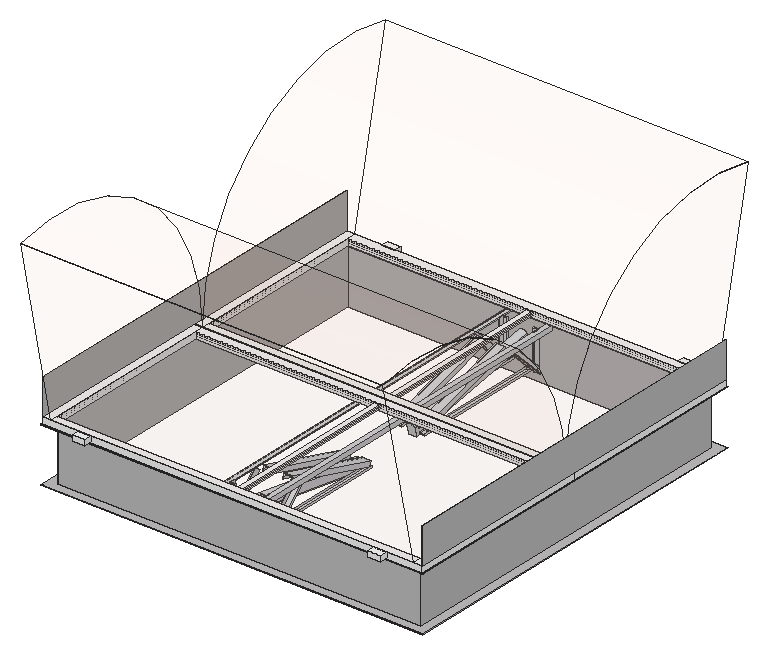
Revit family "Aluco Fire SP 2P (HI) (pl)", category Modele ogólne, Revit 2020
Family settings
  Może być obiektem nadrzędnym dla zbrojenia = Nie
  Wymiar okrągłego złącza = Użyj średnicy
  Typ części = Normalny
  Numer OmniClass = 23.60.70.14.11
  Tytuł OmniClass = Smoke Dampers
  Oparty na płaszczyźnie roboczej = Tak
  Zawsze pionowo = Nie
  Tnij formami wycięć po wczytaniu = Tak
  Współdzielony = Nie
  Punkt obliczania pomieszczeń = Nie
Parameters (values of type "system bezmostkowy z napędem elektrycznym")
  Zwężenie otworu (rozpiętość) [instance] = 0 mm
  Zwężenie otworu (długość) [instance] = 0 mm
  Zasilanie = 230 V
  Zakres ruchu [instance] = yes
  Wysokość podstawy [instance] = 300 mm
  Współczynnik przenikania ciepła [instance] = "Do weryfikacji po kontakcie z Producentem"  # constant formula
  Współczynnik powierzchni oddymiania [instance] = 1.00 m² * size_lookup("ALUCO FIRE SP 2P (HI)", if(and([Zwężenie otworu (rozpiętość)] = 0 mm, [Zwężenie otworu (długość)] = 0 mm, Owiewki), "Prosta z owiewkami", if(and([Zwężenie otworu (rozpiętość)] = 0 mm, [Zwężenie otworu (długość)] = 0 mm, not(Owiewki)), "Prosta bez owiewek", if(and(or([Zwężenie otworu (rozpiętość)] > 0 mm, [Zwężenie otworu (długość)] > 0 mm), Owiewki), "Skośna z owiewkami", "Skośna bez owiewek"))), 0 mm, round([Rozpiętość klapy (A)] / 100 mm) * 100 mm, round([Szerokość klapy (B)] / 100 mm) * 100 mm) / 1 mm  # 2.62 m²
  Uwaga [instance] = if(or([Rozpiętość klapy (A)] > 3000 mm, [Rozpiętość klapy (A)] < 1800 mm, [Szerokość klapy (B)] > 3500 mm, [Szerokość klapy (B)] < 1900 mm), "Przekroczono zalecane wymiary Producenta", "-")  # "-"
  URL produktu = "https://aluco.com.pl/oferta/oddymianie/klapy-punktowe/"
  URL = "https://aluco.com.pl/"
  Szerokość klapy (B) [instance] = 2000 mm
  System ekonomiczny = no
  System bezmostkowy = not(System ekonomiczny)  # yes
  Rozpiętość otworu [instance] = [Rozpiętość klapy (A)] + 2 * [Zwężenie otworu (rozpiętość)]  # 2000 mm
  Rozpiętość klapy (A) [instance] = 2000 mm
  Rozpiętość [instance] = "od 1800 mm x 1900 mm do 3000 mm x 3500 mm"  # constant formula
  Rodzaj napędu = "napęd elektryczny"
  Przestrzeń na izolację termiczną (wariant) [instance] = 0
  Przestrzeń na izolację termiczną [instance] = if([Przestrzeń na izolację termiczną (wariant)] < 2, 50 mm, if([Przestrzeń na izolację termiczną (wariant)] < 3, 80 mm, if([Przestrzeń na izolację termiczną (wariant)] < 4, 100 mm, if([Przestrzeń na izolację termiczną (wariant)] < 5, 150 mm, 200 mm))))  # 50 mm
  Producent = "ALUCO SYSTEM SP. Z O.O"  # constant formula
  Powierzchnia geometryczna [instance] = 1.00 m² * size_lookup("ALUCO FIRE SP 2P (HI)", "Powierzchnia geometryczna", 0 mm, round([Rozpiętość klapy (A)] / 100 mm) * 100 mm, round([Szerokość klapy (B)] / 100 mm) * 100 mm) / 1 mm  # 4.00 m²
  Potwierdzone działanie w skrajnie niskich temperaturach = "T -15"  # constant formula
  Pewność działania = "RE 10000"  # constant formula
  Owiewki [instance] = yes
  Opis = "Klapa oddymiająca dwuskrzydłowa punktowa o podstawie prostej oraz prosto-skośnej"  # constant formula
  Obraz typu = ALUCO FIRE SP 1P (HI).png
  Montaż [instance] = if(and([Zwężenie otworu (rozpiętość)] = 0 mm, [Zwężenie otworu (długość)] = 0 mm), "montaż na podstawie prostej", "montaż na podstawie prosto-skośnej")  # "montaż na podstawie prostej"
  Model = "Fire SP 2P (HI)"
  Materiał płyt = Aluco - poliwęglan
  Materiał profili = Aluco - aluminium
  Materiał podstawy = Aluco - stal ocynkowana
  Materiał owiewki = Aluco - stal ocynkowana
  Maksymalne obciążenie śniegiem = "SL 2000"  # constant formula
  Kąt otwarcia = 90.00°  # constant formula
  Kraty antyupadkowe ALUCO SAFETY GRID [instance] = no
  Komentarze do typu = "Klapa oddymiająca w systemie bezmostkowym o podwyższonej izolacyjności termicznej"
  Klasyfikacja na działanie wiatru = "WL 1500"  # constant formula
  Klasa odporności na działanie wysokiej temperatury = "B 300"  # constant formula
  Klasa bezpieczeństwa przed upadkiem z wysokości = "SB 1200"  # constant formula
  Klasa bezpieczeństwa pożarowego = "BRoof (t1)"  # constant formula
  Karta katalogowa [instance] = "brak linku do karty"
  IfcExportAs = "\"IfcWindowType\""
  Grubość wypełnienia (wariant) [instance] = 1
  Grubość płyty [instance] = if([Grubość wypełnienia (wariant)] < 3, 10 mm, if([Grubość wypełnienia (wariant)] < 5, 16 mm, if([Grubość wypełnienia (wariant)] < 7, 20 mm, if([Grubość wypełnienia (wariant)] < 9, 25 mm, if([Grubość wypełnienia (wariant)] < 11, 20 mm, if([Grubość wypełnienia (wariant)] < 13, 26 mm, 32 mm))))))  # 10 mm
  Grubość blachy podstawy (wariant) [instance] = 0
  Grubość blachy podstawy [instance] = if([Grubość blachy podstawy (wariant)] < 2, 1.5 mm, 2 mm)  # 1.5 mm
  Długość otworu [instance] = [Szerokość klapy (B)] + 2 * [Zwężenie otworu (długość)]  # 2000 mm
  Default Elevation = 0 mm  # constant formula
Types (7, lengths in mm): name | Zasilanie | System ekonomiczny | System bezmostkowy | Rodzaj napędu | Model | Komentarze do typu
  (no name) | 230 V | no | yes | "napęd elektryczny" | "Fire SP 2P (HI)" | "Klapa oddymiająca w systemie bezmostkowym o podwyższonej izolacyjności termicznej"
  system bezmostkowy z napędem pneumatycznym | 0 V | no | yes | "napęd pneumatyczny" | "Fire SP 2P (HI)" | "Klapa oddymiająca w systemie bezmostkowym o podwyższonej izolacyjności termicznej"
  system ekonomiczny z napędem pneumatycznym | 0 V | yes | no | "napęd pneumatyczny" | "Fire SP 2P" | "Klapa oddymiająca w systemie ekonomicznym"
  system bezmostkowy z napędem pneumatyczno-elektrycznym | 230 V | no | yes | "napęd pneumatyczno-elektryczny" | "Fire SP 2P (HI)" | "Klapa oddymiająca w systemie bezmostkowym o podwyższonej izolacyjności termicznej"
  system bezmostkowy z napędem elektrycznym | 230 V | no | yes | "napęd elektryczny" | "Fire SP 2P (HI)" | "Klapa oddymiająca w systemie bezmostkowym o podwyższonej izolacyjności termicznej"
  system ekonomiczny z napędem pneumatyczno-elektrycznym | 230 V | yes | no | "napęd pneumatyczno-elektryczny" | "Fire SP 2P" | "Klapa oddymiająca w systemie ekonomicznym"
  system ekonomiczny z napędem elektrycznym | 230 V | yes | no | "napęd elektryczny" | "Fire SP 2P" | "Klapa oddymiająca w systemie ekonomicznym"
Reference planes
  plane 1 "Środek (Przód/Tył)": y = 0
  plane 2: z = 0
  plane 3 "Środek (Lewa/Prawa)": x = 205.773
  plane 4: z = 300
  plane 5: x = -794.227
  plane 6: y = 1000
  plane 7: x = 1205.773
  plane 8: y = -1000
  plane 9: x = -794.227
  plane 10: y = -1000
  plane 11: x = 1205.773
  plane 12: y = 1000
  plane 13: x = -794.227
  plane 14: x = 1205.773
  plane 15: z = 500
  plane 16: z = -700
Forms (mm)
  Extrusion 1, solid, material "Aluco - stal ocynkowana" <- "Materiał podstawy", detail levels medium+fine
    sketch origin (0, 0, 0) x (1, 0, 0) y (0, 1, 0)
      loop
        line (-845.727, 1051.5) -> (-845.727, -1051.5) -> (1257.273, -1051.5) -> (1257.273, 1051.5) -> (-845.727, 1051.5)
      loop
        line (-794.227, 1000) -> (-794.227, -1000) -> (1205.773, -1000) -> (1205.773, 1000) -> (-794.227, 1000)
    from 0 to 1.5 <- "Grubość blachy podstawy"
  Extrusion 2, solid, material "Aluco - stal ocynkowana" <- "Materiał podstawy", detail levels medium+fine
    sketch origin (4267.2, -1436.636, 300) x (0, -1, 0) y (1, 0, 0)
      loop
        line (-2436.636, -5061.427) -> (-436.636, -5061.427) -> (-436.636, -3061.427) -> (-2436.636, -3061.427) -> (-2436.636, -5061.427)
      loop
        line (-2488.136, -5112.927) -> (-385.136, -5112.927) -> (-385.136, -3009.927) -> (-2488.136, -3009.927) -> (-2488.136, -5112.927)
    from 0 to 1.5
  Blend 3, solid, material "Aluco - stal ocynkowana" <- "Materiał podstawy", detail levels medium+fine
    base sketch origin (0, 0, 0) x (1, 0, 0) y (0, 1, 0)
      loop
        line (-795.727, 1001.5) -> (-795.727, -1001.5) -> (1207.273, -1001.5) -> (1207.273, 1001.5) -> (-795.727, 1001.5)
    top sketch origin (0, 0, 0) x (1, 0, 0) y (0, 1, 0)
      loop
        line (-795.727, 1001.5) -> (-795.727, -1001.5) -> (1207.273, -1001.5) -> (1207.273, 1001.5) -> (-795.727, 1001.5)
    from 0 to 300
  Blend 4, void
    base sketch origin (0, 0, 0) x (1, 0, 0) y (0, 1, 0)
      loop
        line (-794.227, 1000) -> (-794.227, -1000) -> (1205.773, -1000) -> (1205.773, 1000) -> (-794.227, 1000)
    top sketch origin (0, 0, 0) x (1, 0, 0) y (0, 1, 0)
      loop
        line (-794.227, 1000) -> (-794.227, -1000) -> (1205.773, -1000) -> (1205.773, 1000) -> (-794.227, 1000)
    from 0 to 300
  Extrusion 5, solid, detail levels coarse
    sketch origin (0, 0, 0) x (1, 0, 0) y (0, 1, 0)
      loop
        line (-794.227, 1000) -> (-794.227, -1000) -> (1205.773, -1000) -> (1205.773, 1000) -> (-794.227, 1000)
    from 0 to 500
  Extrusion 6, void
    sketch origin (0, 0, 0) x (1, 0, 0) y (0, 1, 0)
      loop
        line (-794.227, 1000) -> (-794.227, -1000) -> (1205.773, -1000) -> (1205.773, 1000) -> (-794.227, 1000)
    from -700 to 300
  Extrusion 7, solid, material "Aluco - krata antyupadkowa", visible <- "Kraty antyupadkowe ALUCO SAFETY GRID"
    sketch origin (4267.2, -1436.636, 300) x (0, -1, 0) y (1, 0, 0)
      loop
        line (-436.636, -5061.427) -> (-436.636, -3061.427) -> (-2436.636, -3061.427) -> (-2436.636, -5061.427) -> (-436.636, -5061.427)
    from 0 to -5
Cuts and joins
  Blend 4 cuts Blend 3
  joined: Extrusion 1, Extrusion 2, Blend 3
Lines and regions (mm)
  reference lines
    curve 1: line (-844.227, 1050, 0) -> (1255.773, 1050, 0)
    curve 2: line (-844.227, -1050, 0) -> (-844.227, 1050, 0)
    curve 3: line (1255.773, -1050, 0) -> (-844.227, -1050, 0)
    curve 4: line (1255.773, 1050, 0) -> (1255.773, -1050, 0)
    curve 5: line (-844.227, 1050, 0) -> (1255.773, 1050, 0)
    curve 6: line (-844.227, -1050, 0) -> (-844.227, 1050, 0)
    curve 7: line (1255.773, -1050, 0) -> (-844.227, -1050, 0)
    curve 8: line (1255.773, 1050, 0) -> (1255.773, -1050, 0)
Dimensions and locks
  "Wysokość podstawy": plane 4 to level
  equal spacing: plane 5, plane 3 "Środek (Lewa/Prawa)", plane 7
  "Długość otworu": plane 5 to plane 7
  equal spacing: plane 6, plane 1 "Środek (Przód/Tył)", plane 8
  "Rozpiętość otworu": plane 6 to plane 8
  equal spacing: plane 10, plane 1 "Środek (Przód/Tył)", plane 12
  "Rozpiętość klapy (A)": plane 10 to plane 12
  equal spacing: plane 9, plane 3 "Środek (Lewa/Prawa)", plane 11
  "Szerokość klapy (B)": plane 9 to plane 11
  "Przestrzeń na izolację termiczną": curve 5 to plane 6
  "Przestrzeń na izolację termiczną": curve 6 to plane 5
  "Przestrzeń na izolację termiczną": curve 2 to plane 9
  "Przestrzeń na izolację termiczną": plane 12 to curve 1
  "Przestrzeń na izolację termiczną": plane 11 to curve 4
  "Przestrzeń na izolację termiczną": plane 10 to curve 3
  "Przestrzeń na izolację termiczną": curve 7 to plane 8
  "Przestrzeń na izolację termiczną": plane 7 to curve 8
  "Grubość blachy podstawy": curve 8 to Extrusion 1 sketch curve
  "Grubość blachy podstawy": curve 7 to Extrusion 1 sketch curve
  "Grubość blachy podstawy": curve 5 to Extrusion 1 sketch curve
  "Grubość blachy podstawy": Extrusion 1 sketch curve to curve 6
  "Grubość blachy podstawy": Extrusion 2 sketch curve to curve 2
  "Grubość blachy podstawy": curve 4 to Extrusion 2 sketch curve
  "Grubość blachy podstawy": Extrusion 2 sketch curve to curve 1
  "Grubość blachy podstawy": Extrusion 2 sketch curve to curve 3
  "Grubość blachy podstawy": Blend 3 sketch curve to plane 5
  "Grubość blachy podstawy": plane 8 to Blend 3 sketch curve
  "Grubość blachy podstawy": plane 7 to Blend 3 sketch curve
  "Grubość blachy podstawy": Blend 3 sketch curve to plane 6
  "Grubość blachy podstawy": plane 11 to Blend 3 sketch curve
  "Grubość blachy podstawy": plane 12 to Blend 3 sketch curve
  "Grubość blachy podstawy": plane 10 to Blend 3 sketch curve
  "Grubość blachy podstawy": Blend 3 sketch curve to plane 9
  "Szerokość klapy (B)": plane 13 to plane 14
  equal spacing: plane 13, plane 3 "Środek (Lewa/Prawa)", plane 14
  locked: plane 15 to plane 4 at 200
  locked: plane 2 to plane 16 at 700
  equal spacing: nested 1, plane 1 "Środek (Przód/Tył)", nested 3
  aligned and locked: level to plane 2
  aligned and locked: Extrusion 1 sketch curve to plane 5
  aligned and locked: Extrusion 1 sketch curve to plane 6
  aligned and locked: Extrusion 1 sketch curve to plane 7
  aligned and locked: Extrusion 1 sketch curve to plane 8
  aligned and locked: Extrusion 2 sketch curve to plane 9
  aligned and locked: Extrusion 2 sketch curve to plane 12
  aligned and locked: Extrusion 2 sketch curve to plane 11
  aligned and locked: Extrusion 2 sketch curve to plane 10
  aligned and locked: plane 4 to Blend 3
  aligned and locked: Blend 4 sketch curve to plane 5
  aligned and locked: Blend 4 sketch curve to plane 6
  aligned and locked: Blend 4 sketch curve to plane 7
  aligned and locked: Blend 4 sketch curve to plane 8
  aligned and locked: Blend 4 sketch curve to plane 9
  aligned and locked: Blend 4 sketch curve to plane 10
  aligned and locked: Blend 4 sketch curve to plane 11
  aligned and locked: Blend 4 sketch curve to plane 12
  aligned and locked: plane 4 to Blend 4
  aligned and locked: plane 10 to nested 1
  aligned and locked: plane 12 to nested 1
  aligned and locked: nested 2 to plane 3 "Środek (Lewa/Prawa)"
  aligned and locked: nested 3 to plane 3 "Środek (Lewa/Prawa)"
  aligned and locked: Extrusion 5 to plane 15
  aligned and locked: Extrusion 5 to plane 2
  aligned and locked: Extrusion 6 sketch curve to plane 6
  aligned and locked: plane 5 to Extrusion 6 sketch curve
  aligned and locked: Extrusion 6 sketch curve to plane 8
  aligned and locked: Extrusion 6 sketch curve to plane 7
  aligned and locked: Extrusion 6 to plane 16
  aligned and locked: plane 4 to Extrusion 6
  aligned and locked: Extrusion 5 sketch curve to plane 5
  aligned and locked: Extrusion 5 sketch curve to plane 7
  aligned and locked: Extrusion 5 sketch curve to plane 8
  aligned and locked: Extrusion 5 sketch curve to plane 6
  aligned and locked: Extrusion 7 sketch curve to plane 13
  aligned and locked: Extrusion 7 sketch curve to plane 14
  aligned and locked: Extrusion 7 sketch curve to plane 10
  aligned and locked: Extrusion 7 sketch curve to plane 12
Nested families
  nested 1: "Siłownik klapy jednoskrzydłowej zamkniętej" at (205.773, -1000, 300) x (0, 1, 0) z (0, 0, 1), type "Siłownik klapy jednoskrzydłowej zamkniętej", detail levels fine
    with Długość prowadnic 2000 mm
  nested 2: "Klapa" at (705.773, 523.25, 300) x (-1, 0, 0) z (0, 0, 1), Materiał profili <- "Materiał profili", Materiał płyty <- "Materiał płyt", Rozpiętość klapy <- "Szerokość klapy (B)", Szerokość klapy <- "Szerokość klapy (B)", Materiał owiewki <- "Materiał owiewki", Owiewki <- "Owiewki", Zakres ruchu <- "Zakres ruchu", type "Klapa", detail levels medium+fine
    with Zakres ruchu yes, Szerokość klapy 2000 mm, Rozpiętość klapy 2000 mm, Owiewki yes, Materiał płyty Aluco - poliwęglan, Materiał profili Aluco - aluminium, Materiał owiewki Aluco - stal ocynkowana, Grubość wypełnienia (wariant) 1, Grubość płyty 10 mm, Grubość profilu' 46.5 mm, Grubość profilu 35 mm
  nested 3: "Siłownik" at (205.773, 1000, 300) x (0, -1, 0) z (0, 0, 1), type "Siłownik", detail levels fine
    with Długość prowadnic 1500 mm
Connectors
  electrical at (205.773, 0, 0), driven by "Zasilanie"
    settings: index 1, voltage 230 V, apparent load 0 VA, apparent load phase1 0 VA, apparent load phase2 0 VA, apparent load phase3 0 VA, power factor 1, load classification "Inne", number of poles 1, system type 30, power factor state 1, is connector primary yes, connector utility no, sub classification motor no, connector description ""
Definition of nested family "Siłownik klapy jednoskrzydłowej zamkniętej"
  Parameters (values of type "Siłownik klapy jednoskrzydłowej zamkniętej")
    Define Thermal Properties by = 1
    Analytic Construction = "<Brak>"
    Długość prowadnic [instance] = 1500 mm
    Default Elevation = 0 mm  # constant formula
  Reference planes
    plane 1 "Środek (Przód/Tył)": y = 0
    plane 2: z = 0
    plane 3 "Środek (Lewa/Prawa)": x = 0
    plane 4: z = -200
    plane 5: y = -125
    plane 6: y = 125
    plane 7: x = 600
    plane 8: x = 1500
    plane 9: y = -98
    plane 10: y = 98
    plane 11: y = -78
    plane 12: y = 78
    plane 13: x = 1500
    plane 14: x = 1464.07
    plane 15: z = -77
    plane 16: z = -250
    plane 17: x = -110
    plane 18: x = 1800
    plane 19: x = 290
    plane 20: x = 60.93
    plane 21: x = 1087.93
    plane 22: x = 41.93
    plane 23: x = 1060.884
    plane 24: x = 265
    plane 25: x = 864.842
  Forms (mm)
    Extrusion 1, solid
      sketch origin (0, 0, 0) x (1, 0, 0) y (0, 1, 0)
        loop
          line (-1219.2, 1219.2) -> (-1219.2, -1219.2) -> (1219.2, -1219.2) -> (1219.2, 1219.2) -> (-1219.2, 1219.2)
      from 0 to -304.8
    Sweep 2, solid, detail levels medium+fine
      path in 3D
        loop
          line (0, -125, 0) -> (1500, -125, 0)
      profile origin (750, -125, 0) x (0, 0, 1) y (0, -1, 0)
        loop
          line (0, -27) -> (0, 0) -> (-27, 0) -> (-27, -3) -> (-3, -3) -> (-3, -27) -> (0, -27)
    Sweep 3, solid, detail levels medium+fine
      path in 3D
        loop
          line (0, 125, 0) -> (1500, 125, 0)
      profile origin (750, 125, 0) x (0, 0, -1) y (0, 1, 0)
        loop
          line (0, -27) -> (3, -27) -> (3, -3) -> (27, -3) -> (27, 0) -> (0, 0) -> (0, -27)
    Sweep 4, solid, detail levels medium+fine
      path origin (73.93, -98, 0) x (1, 0, 0) y (0, 0, 1)
        loop
          line (0, 0) -> (0, -200)
      profile origin (73.93, -98, -100) x (0, -1, 0) y (1, 0, 0)
        loop
          line (-27, -13) -> (0, -13) -> (0, 14) -> (-3, 14) -> (-3, -10) -> (-27, -10) -> (-27, -13)
    Sweep 5, solid, detail levels medium+fine
      path origin (73.93, 98, 0) x (1, 0, 0) y (0, 0, -1)
        loop
          line (0, 0) -> (0, 200)
      profile origin (73.93, 98, -100) x (0, 1, 0) y (-1, 0, 0)
        loop
          line (-27, 13) -> (-27, 10) -> (-3, 10) -> (-3, -14) -> (0, -14) -> (0, 13) -> (-27, 13)
    Sweep 6, solid, detail levels medium+fine
      path in 3D
        loop
          line (87.677, -98.752, -199.873) -> (260.918, -98.752, -26.632)
      profile origin (174.297, -98.752, -113.252) x (-0.707107, 0, 0.707107) y (0, -1, 0)
        loop
          line (29.82, 3) -> (2.82, 3) -> (2.82, 30) -> (-0.18, 30) -> (-0.18, 0) -> (29.82, 0) -> (29.82, 3)
    Sweep 7, solid, detail levels medium+fine
      path in 3D
        loop
          line (87.677, 98, -199.873) -> (260.918, 98, -26.632)
      profile origin (174.297, 98, -113.252) x (0.707107, 0, -0.707107) y (0, 1, 0)
        loop
          line (-29.82, 3) -> (-29.82, 0) -> (0.18, 0) -> (0.18, 30) -> (-2.82, 30) -> (-2.82, 3) -> (-29.82, 3)
    Sweep 8, solid, detail levels medium+fine
      path in 3D
        loop
          line (50.727, 63, -200.156) -> (817.931, 63, -200.156)
      profile origin (434.329, 63, -200.156) x (0, 0, -1) y (0, 1, 0)
        loop
          line (0, 0) -> (0, 15) -> (-8, 15) -> (-8, 13.5) -> (-1.5, 13.5) -> (-1.5, -13.5) -> (-8, -13.5) -> (-8, -15) -> (0, -15) -> (0, 0)
    Sweep 9, solid, detail levels medium+fine
      path in 3D
        loop
          line (87.931, -63, -200.156) -> (817.931, -63, -200.156)
      profile origin (452.931, -63, -200.156) x (0, 0, 1) y (0, -1, 0)
        loop
          line (-0.001, -15) -> (8, -15) -> (8, -13.517) -> (1.5, -13.517) -> (1.5, 13.5) -> (7.999, 13.5) -> (7.999, 15) -> (-0.001, 15) -> (-0.001, -15)
    Sweep 10, solid, detail levels medium+fine
      path in 3D
        loop
          line (41.93, 0, -77) -> (808.69, 0, -207.193)
      profile origin (425.31, 0, -142.096) x (0.1674, 0, 0.985889) y (0, -1, 0)
        loop
          line (-26.036, 0) -> (-26.036, -20) -> (-22.5, -23.536) -> (22.5, -23.536)
          arc (22.5, -23.536) -> (35.498, 0) -> (22.5, 23.536) r 27.807
          line (22.5, 23.536) -> (-22.5, 23.536) -> (-26.036, 20) -> (-26.036, 0)
    Sweep 11, solid, detail levels medium+fine
      path in 3D
        loop
          line (802.089, -54.464, -173.632) -> (265, -54.464, -15.092)
      profile origin (533.545, -54.464, -94.362) x (-0.283108, 0, -0.959088) y (0, -1, 0)
        loop
          line (11.579, -23.536) -> (11.579, -20.536) -> (-12.421, -20.536) -> (-12.421, 20.536) -> (11.579, 20.536) -> (11.579, 23.536) -> (-15.421, 23.536) -> (-15.421, -23.536) -> (11.579, -23.536)
    Sweep 12, solid, detail levels medium+fine
      path in 3D
        loop
          line (802.089, 55.536, -173.632) -> (265, 55.536, -15.092)
      profile origin (533.545, 55.536, -94.362) x (-0.283108, 0, -0.959088) y (0, -1, 0)
        loop
          line (11.579, -23.536) -> (11.579, -20.536) -> (-12.421, -20.536) -> (-12.421, 20.536) -> (11.579, 20.536) -> (11.579, 23.536) -> (-15.421, 23.536) -> (-15.421, -23.536) -> (11.579, -23.536)
  Lines and regions (mm)
    reference lines
      curve 1: line (0, -125, 0) -> (1500, -125, 0)
      curve 2: line (0, 125, 0) -> (1500, 125, 0)
      curve 9: line (41.93, 0, -77) -> (1060.8, 0, -250)
      curve 11: line (864.842, -54.464, -192.156) -> (265, -54.464, -15.092)
      curve 13: line (864.842, 55.536, -192.156) -> (265, 55.536, -15.092)
    sketch lines
      curve 3: line (0, -125, 0) -> (1500, -125, 0)
      curve 4: line (0, 125, 0) -> (1500, 125, 0)
      curve 5: line (87.677, -98.752, -199.873) -> (260.918, -98.752, -26.632)
      curve 6: line (87.677, 98, -199.873) -> (260.918, 98, -26.632)
      curve 7: line (50.727, 63, -200.156) -> (817.931, 63, -200.156)
      curve 8: line (87.931, -63, -200.156) -> (817.931, -63, -200.156)
      curve 10: line (41.93, 0, -77) -> (808.69, 0, -207.193)
      curve 12: line (802.089, -54.464, -173.632) -> (265, -54.464, -15.092)
      curve 14: line (802.089, 55.536, -173.632) -> (265, 55.536, -15.092)
  Dimensions and locks
    "Długość prowadnic": plane 8 to plane 3 "Środek (Lewa/Prawa)"
    locked: plane 2 to plane 4 at 200
    equal spacing: plane 5, plane 1 "Środek (Przód/Tył)", plane 6
    locked: plane 5 to plane 6 at 250
    locked: plane 9 to plane 11 at 20
    locked: plane 12 to plane 10 at 20
    equal spacing: plane 11, plane 1 "Środek (Przód/Tył)", plane 12, locked at 78 each
    plane 17 to plane 19 = 400 mm
    aligned and locked: plane 2 to Extrusion 1
    aligned and locked: level to Extrusion 1
    aligned and locked: plane 5 to curve 1
    aligned and locked: plane 20 to Sweep 5
    aligned and locked: plane 20 to Sweep 4
    aligned and locked: plane 22 to curve 9
    aligned and locked: plane 24 to curve 11
    aligned and locked: curve 11 to Sweep 9
  Automatic sketch dimensions
    Extrusion 1 sketch curve to Extrusion 1 sketch curve = 2438.4 mm  (x2)
    curve 9 to plane 16 = 0 mm
    curve 9 to plane 15 = 0 mm
    plane 23 to curve 9 = 0.084 mm
    curve 1 to level = 0 mm
    curve 1 to plane 3 "Środek (Lewa/Prawa)" = 0 mm
    plane 8 to curve 1 = 0 mm
    curve 2 to level = 0 mm
    curve 2 to plane 3 "Środek (Lewa/Prawa)" = 0 mm
    plane 8 to curve 2 = 0 mm
    Sweep 2 sketch curve to profile plane = 0 mm
    profile plane to Sweep 2 sketch curve = 0 mm
    Sweep 2 sketch curve to Sweep 2 sketch curve = 3 mm
    Sweep 2 sketch curve to profile plane = 3 mm
    Sweep 2 sketch curve to Sweep 2 sketch curve = 24 mm  (x2)
    Sweep 3 sketch curve to profile plane = 0 mm  (x2)
    Sweep 3 sketch curve to Sweep 3 sketch curve = 3 mm  (x2)
    Sweep 3 sketch curve to Sweep 3 sketch curve = 24 mm  (x2)
    plane 25 to curve 11 = 0 mm
    plane 4 to curve 11 = 7.844 mm
    curve 11 to level = 15.092 mm
    plane 24 to curve 13 = 0 mm
    plane 25 to curve 13 = 0 mm
    plane 4 to curve 13 = 7.844 mm
    curve 13 to level = 15.092 mm
    Sweep 4 sketch curve to plane 4 = 0 mm
    Sweep 4 sketch curve to level = 0 mm
    Sweep 4 sketch curve to plane 20 = 13 mm
    profile plane to Sweep 4 sketch curve = 0 mm
    Sweep 4 sketch curve to profile plane = 3 mm
    Sweep 4 sketch curve to Sweep 4 sketch curve = 24 mm
    profile plane to Sweep 4 sketch curve = 13 mm
    Sweep 4 sketch curve to Sweep 4 sketch curve = 3 mm
    Sweep 4 sketch curve to profile plane = 14 mm
    Sweep 5 sketch curve to plane 4 = 0 mm
    Sweep 5 sketch curve to level = 0 mm
    Sweep 5 sketch curve to plane 20 = 13 mm
    Sweep 5 sketch curve to profile plane = 0 mm
    Sweep 5 sketch curve to profile plane = 3 mm
    Sweep 5 sketch curve to Sweep 5 sketch curve = 24 mm
    profile plane to Sweep 5 sketch curve = 14 mm
    Sweep 5 sketch curve to profile plane = 10 mm
    Sweep 5 sketch curve to Sweep 5 sketch curve = 3 mm
    profile plane to Sweep 6 sketch curve = 0 mm
    profile plane to Sweep 6 sketch curve = 0.18 mm
    Sweep 6 sketch curve to profile plane = 2.82 mm
    Sweep 6 sketch curve to Sweep 6 sketch curve = 27 mm  (x2)
    Sweep 6 sketch curve to Sweep 6 sketch curve = 3 mm
    Sweep 7 sketch curve to profile plane = 0 mm
    profile plane to Sweep 7 sketch curve = 3 mm
    profile plane to Sweep 7 sketch curve = 29.82 mm
    profile plane to Sweep 7 sketch curve = 2.82 mm
    Sweep 7 sketch curve to profile plane = 0.18 mm
    Sweep 7 sketch curve to Sweep 7 sketch curve = 27 mm
    Sweep 8 sketch curve to profile plane = 0 mm  (x2)
    profile plane to Sweep 8 sketch curve = 1.5 mm
    Sweep 8 sketch curve to Sweep 8 sketch curve = 6.5 mm  (x2)
    Sweep 8 sketch curve to profile plane = 13.5 mm
    Sweep 8 sketch curve to Sweep 8 sketch curve = 1.5 mm  (x2)
    profile plane to Sweep 8 sketch curve = 13.5 mm
    profile plane to Sweep 9 sketch curve = 0.001 mm
    Sweep 9 sketch curve to profile plane = 1.5 mm
    Sweep 9 sketch curve to Sweep 9 sketch curve = 6.499 mm
    Sweep 9 sketch curve to Sweep 9 sketch curve = 6.5 mm
    Sweep 9 sketch curve to profile plane = 15 mm
    Sweep 9 sketch curve to Sweep 9 sketch curve = 1.483 mm
    profile plane to Sweep 9 sketch curve = 13.5 mm
    Sweep 9 sketch curve to Sweep 9 sketch curve = 1.5 mm
    Sweep 10 sketch curve to profile plane = 0 mm  (x2)
    profile plane to Sweep 10 sketch curve = 26.036 mm
    Sweep 10 sketch curve to Sweep 10 sketch curve = 3.536 mm  (x4)
    Sweep 10 sketch curve to profile plane = 7.692 mm
    Sweep 10 sketch curve to profile plane = 22.5 mm  (x2)
    Sweep 10 sketch curve to Sweep 10 sketch curve = 20 mm
    profile plane to Sweep 11 sketch curve = 15.421 mm
    Sweep 11 sketch curve to Sweep 11 sketch curve = 3 mm  (x3)
    Sweep 11 sketch curve to profile plane = 11.579 mm  (x2)
    Sweep 11 sketch curve to profile plane = 23.536 mm
    profile plane to Sweep 11 sketch curve = 20.536 mm
    profile plane to Sweep 12 sketch curve = 15.421 mm
    Sweep 12 sketch curve to Sweep 12 sketch curve = 3 mm  (x3)
    Sweep 12 sketch curve to profile plane = 11.579 mm  (x2)
    Sweep 12 sketch curve to profile plane = 23.536 mm
    profile plane to Sweep 12 sketch curve = 20.536 mm
Definition of nested family "Klapa"
  Parameters (values of type "Klapa")
    Define Thermal Properties by = 1
    Zakres ruchu [instance] = yes
    Szerokość klapy [instance] = 2000 mm
    Rozpiętość klapy [instance] = 2000 mm
    Owiewki [instance] = yes
    Materiał płyty [instance] = none
    Materiał profili [instance] = none
    Materiał owiewki [instance] = none
    Analytic Construction = "<Brak>"
    Grubość wypełnienia (wariant) [instance] = 1
    Grubość płyty [instance] = if([Grubość wypełnienia (wariant)] < 3, 10 mm, if([Grubość wypełnienia (wariant)] < 5, 16 mm, if([Grubość wypełnienia (wariant)] < 7, 20 mm, if([Grubość wypełnienia (wariant)] < 9, 25 mm, if([Grubość wypełnienia (wariant)] < 11, 20 mm, if([Grubość wypełnienia (wariant)] < 13, 26 mm, 32 mm))))))  # 10 mm
    Grubość profilu' [instance] = Grubość profilu + 11.5 mm  # 46.5 mm
    Grubość profilu [instance] = if(2 * Grubość płyty < 35 mm, 35 mm, 2 * Grubość płyty)  # 35 mm
    Default Elevation = 0 mm
  Reference planes
    plane 1 "Środek (Przód/Tył)": y = 0
    plane 2: z = 0
    plane 3 "Środek (Lewa/Prawa)": x = -500
    plane 4: y = -476.75
    plane 5: y = 476.75
    plane 6: z = 0
    plane 7: x = 1500
    plane 8: x = 500
    plane 9: z = 25
    plane 10: z = 15
    plane 11: z = 35
    plane 12: y = 523.25
    plane 13: y = 569.75
    plane 14: y = 1523.25
    plane 15: y = 1046.5
  Forms (mm)
    Sweep 1, solid, material <- "Materiał profili"
      path origin (0, 0, 0) x (1, 0, 0) y (0, 1, 0)
        loop
          line (-500, 476.75) -> (-500, -476.75) -> (1500, -476.75) -> (1500, 476.75) -> (-500, 476.75)
      profile "Rama : Rama" origin (-500, 0, 0) x (1, 0, 0) y (0, 0, 1)
        loop
          line (0, 0) -> (0, 35) -> (-46.5, 35) -> (-46.5, 0) -> (0, 0)
    Blend 2, solid, material <- "Materiał płyty"
      base sketch origin (-500, 0, 0) x (0, 1, 0) y (0, 0, 1)
        loop
          line (-476.75, 25) -> (-476.75, 15) -> (476.75, 15) -> (476.75, 25) -> (-476.75, 25)
      top sketch origin (-500, 0, 0) x (0, 1, 0) y (0, 0, 1)
        loop
          arc (-476.75, 15) -> (0, 34.822) -> (476.75, 15) r 5743.257
          line (476.75, 15) -> (476.75, 25.234)
          arc (476.75, 25.234) -> (0, 45.021) -> (-476.75, 25.234) r 5753.455
          line (-476.75, 25.234) -> (-476.75, 15)
      from 0 to 1000
    Blend 3, solid, material <- "Materiał płyty"
      base sketch origin (1000, 0, 0) x (0, 1, 0) y (0, 0, -1)
        loop
          line (-476.75, -25) -> (476.75, -25) -> (476.75, -15) -> (-476.75, -15) -> (-476.75, -25)
      top sketch origin (1000, 0, 0) x (0, 1, 0) y (0, 0, -1)
        loop
          line (-476.75, -15) -> (-476.75, -25.234)
          arc (-476.75, -25.234) -> (0, -45.021) -> (476.75, -25.234) r 5753.455
          line (476.75, -25.234) -> (476.75, -15)
          arc (476.75, -15) -> (0, -34.822) -> (-476.75, -15) r 5743.257
      from -500 to 500
    Extrusion 4, solid, material <- "Materiał profili", detail levels fine
      sketch origin (500, 0, 0) x (0, 1, 0) y (0, 0, -1)
        loop
          line (-476.75, -25.234) -> (-476.75, -30.251)
          arc (-476.75, -30.251) -> (0, -50.021) -> (476.75, -30.251) r 5758.455
          line (476.75, -30.251) -> (476.75, -25.234)
          arc (476.75, -25.234) -> (0, -45.021) -> (-476.75, -25.234) r 5753.455
        loop
          line (476.75, -15) -> (476.75, -9.983)
          arc (476.75, -9.983) -> (0, -29.822) -> (-476.75, -9.983) r 5738.257
          line (-476.75, -9.983) -> (-476.75, -15)
          arc (-476.75, -15) -> (0, -34.822) -> (476.75, -15) r 5743.257
      from -14 to 14
    Extrusion 5, solid, material <- "Materiał profili", detail levels fine
      sketch origin (-500, 0, 0) x (0, 1, 0) y (0, 0, 1)
        loop
          line (-523.25, 5) -> (-523.25, 35) -> (-563.25, 35) -> (-563.25, 5) -> (-523.25, 5)
      from 220 to 150
    Extrusion 6, solid, material <- "Materiał profili", detail levels fine
      sketch origin (1500, 1454.305, 1200) x (0, 1, 0) y (0, 0, 1)
        loop
          line (-1977.555, -1165) -> (-2017.555, -1165) -> (-2017.555, -1195) -> (-1977.555, -1195) -> (-1977.555, -1165)
      from -220 to -150
    Sweep 7, solid, material <- "Materiał profili"
      path origin (0, 2093, 0) x (1, 0, 0) y (0, -1, 0)
        loop
          line (-500, 1523.25) -> (-500, 569.75) -> (1500, 569.75) -> (1500, 1523.25) -> (-500, 1523.25)
      profile "Rama : Rama" origin (-500, 1046.5, 0) x (-1, 0, 0) y (0, 0, 1)
        loop
          line (0, 0) -> (46.5, 0) -> (46.5, 35) -> (0, 35) -> (0, 0)
    Blend 8, solid, material <- "Materiał płyty"
      base sketch origin (-500, 1046.5, 0) x (0, -1, 0) y (0, 0, -1)
        loop
          line (-476.75, -25) -> (476.75, -25) -> (476.75, -15) -> (-476.75, -15) -> (-476.75, -25)
      top sketch origin (-500, 1046.5, 0) x (0, -1, 0) y (0, 0, -1)
        loop
          line (-476.75, -15) -> (-476.75, -25.234)
          arc (-476.75, -25.234) -> (0, -45.021) -> (476.75, -25.234) r 5753.455
          line (476.75, -25.234) -> (476.75, -15)
          arc (476.75, -15) -> (0, -34.822) -> (-476.75, -15) r 5743.257
      from 0 to 1000
    Blend 9, solid, material <- "Materiał płyty"
      base sketch origin (1000, 1046.5, 0) x (0, -1, 0) y (0, 0, 1)
        loop
          line (-476.75, 25) -> (-476.75, 15) -> (476.75, 15) -> (476.75, 25) -> (-476.75, 25)
      top sketch origin (1000, 1046.5, 0) x (0, -1, 0) y (0, 0, 1)
        loop
          arc (-476.75, 15) -> (0, 34.822) -> (476.75, 15) r 5743.257
          line (476.75, 15) -> (476.75, 25.234)
          arc (476.75, 25.234) -> (0, 45.021) -> (-476.75, 25.234) r 5753.455
          line (-476.75, 25.234) -> (-476.75, 15)
      from -500 to 500
    Extrusion 10, solid, material <- "Materiał profili", detail levels fine
      sketch origin (500, 1546.5, 0) x (0, -1, 0) y (0, 0, 1)
        loop
          arc (23.25, 25.234) -> (500, 45.021) -> (976.75, 25.234) r 5753.455
          line (976.75, 25.234) -> (976.75, 30.274)
          arc (976.75, 30.274) -> (500, 50.043) -> (23.25, 30.274) r 5758.478
          line (23.25, 30.274) -> (23.25, 25.234)
        loop
          arc (976.75, 15) -> (500, 34.822) -> (23.25, 15) r 5743.257
          line (23.25, 15) -> (23.25, 9.96)
          arc (23.25, 9.96) -> (500, 29.799) -> (976.75, 9.96) r 5738.234
          line (976.75, 9.96) -> (976.75, 15)
      from -14 to 14
    Extrusion 11, solid, material <- "Materiał profili", detail levels fine
      sketch origin (1500, 1523.25, 0) x (0, -1, 0) y (0, 0, 1)
        loop
          line (-86.5, 35) -> (-86.5, 5) -> (-46.5, 5) -> (-46.5, 35) -> (-86.5, 35)
      from 220 to 150
    Extrusion 12, solid, material <- "Materiał profili", detail levels fine
      sketch origin (-500, 0, 0) x (0, 1, 0) y (0, 0, 1)
        loop
          line (1609.75, 5) -> (1609.75, 35) -> (1569.75, 35) -> (1569.75, 5) -> (1609.75, 5)
      from 220 to 150
    Sweep 13, solid, material <- "Materiał owiewki", visible <- "Owiewki"
      path in 3D
        loop
          line (1546.5, -523.25, 35) -> (1546.5, 523.25, 35) -> (1546.5, 1569.75, 35)
      profile "Owiewka : Owiewka" origin (1546.5, 0, 35) x (-1, 0, 0) y (0, 0, 1)
        loop
          line (0, 0) -> (0, 200) -> (-1.5, 200) -> (-1.5, 0) -> (0, 0)
    Sweep 14, solid, material <- "Materiał owiewki", visible <- "Owiewki"
      path in 3D
        loop
          line (-546.5, -523.25, 35) -> (-546.5, 523.25, 35) -> (-546.5, 1569.75, 35)
      profile "Owiewka : Owiewka" origin (-546.5, 1046.5, 35) x (-1, 0, 0) y (0, 0, 1)
        loop
          line (0, 0) -> (1.5, 0) -> (1.5, 200) -> (0, 200) -> (0, 0)
    Extrusion 15, solid, visible <- "Zakres ruchu"
      sketch origin (-500, 0, 0) x (0, 1, 0) y (0, 0, 1)
        loop
          line (-523.25, 35) -> (523.25, 35)
          arc (523.25, 35) -> (132.011, 828.353) -> (-735.569, 1000.926) r 1000
          line (-735.569, 1000.926) -> (-523.25, 35)
      from 0 to 2000
    Extrusion 16, solid, visible <- "Zakres ruchu"
      sketch origin (-500, 0, 0) x (0, 1, 0) y (0, 0, 1)
        loop
          line (1569.75, 35) -> (1782.069, 1000.926)
          arc (1782.069, 1000.926) -> (914.489, 828.353) -> (523.25, 35) r 1000
          line (523.25, 35) -> (1569.75, 35)
      from 0 to 2000
  Lines and regions (mm)
    symbolic lines
      curve 1: line (-488.5, -475.321, 0) -> (500, 476.75, 0)
      curve 2: line (500, 476.75, 0) -> (1488.5, -475.321, 0)
      curve 11: line (-489.983, 1523.25, 0) -> (500, 569.75, 0)
      curve 12: line (500, 569.75, 0) -> (1489.964, 1523.25, 0)
    symbolic lines, detail levels coarse
      curve 3: line (-500, 476.75, 0) -> (1500, 476.75, 0)
      curve 4: line (-500, -476.75, 0) -> (-500, 476.75, 0)
      curve 5: line (1500, -476.75, 0) -> (-500, -476.75, 0)
      curve 6: line (1500, 476.75, 0) -> (1500, -476.75, 0)
    reference lines
      curve 7: line (-500, -476.75, 0) -> (-500, 0, 62.765)
      curve 8: line (-500, 0, 62.765) -> (-500, 476.75, 0)
      curve 9: line (-500, 1046.5, 62.765) -> (-500, 569.75, 0)
      curve 10: line (-500, 1046.5, 62.765) -> (-500, 1523.25, 0)
    sketch lines
      curve 13: line (1546.5, -523.25, 35) -> (1546.5, 523.25, 35)
      curve 14: line (1546.5, 1569.75, 35) -> (1546.5, 523.25, 35)
      curve 15: line (-546.5, 523.25, 35) -> (-546.5, 1569.75, 35)
      curve 16: line (-546.5, 523.25, 35) -> (-546.5, -523.25, 35)
  Dimensions and locks
    equal spacing: plane 4, plane 1 "Środek (Przód/Tył)", plane 5
    "Szerokość klapy": plane 3 "Środek (Lewa/Prawa)" to plane 7
    equal spacing: plane 3 "Środek (Lewa/Prawa)", plane 8, plane 7
    "Grubość płyty": plane 9 to plane 10
    "Grubość profilu": level to plane 11
    locked: plane 9 to plane 11 at 10
    locked: Extrusion 5 sketch curve to Sweep 1 at 40
    Extrusion 5 sketch curve to Extrusion 5 sketch curve to plane 6 = 30 mm locked, 5 mm locked
    equal spacing: plane 14, plane 12, plane 4
    "Rozpiętość klapy": plane 14 to plane 4
    plane 5 to plane 12 to plane 13 = 46.5 mm locked, 46.5 mm locked
    equal spacing: plane 13, plane 15, plane 14
    locked: Extrusion 11 to Extrusion 11 at 40
    locked: Extrusion 12 sketch curve to Extrusion 12 sketch curve at 30
    locked: Extrusion 12 to Extrusion 12 at 40
    angle plane 6 to curve 7 = 7.50°
    angle curve 8 to level = 7.50°
    locked: plane 6 to curve 9 (angle 7.50°)
    locked: curve 10 to plane 6 (angle 7.50°)
    locked: Extrusion 16 sketch curve to plane 14 (angle 12.397°)
    locked: plane 4 to Extrusion 15 sketch curve (angle 12.397°)
    aligned and locked: level to plane 2
    aligned and locked: plane 4 to curve 5
    aligned and locked: curve 3 to plane 5
    aligned and locked: curve 6 to plane 7
    aligned and locked: plane 3 "Środek (Lewa/Prawa)" to curve 4
    aligned and locked: Sweep 1 sketch curve to plane 3 "Środek (Lewa/Prawa)"
    aligned and locked: Sweep 1 sketch curve to plane 7
    aligned and locked: Sweep 1 sketch curve to plane 5
    aligned and locked: Sweep 1 sketch curve to plane 4
    aligned and locked: plane 4 to curve 7
    aligned and locked: plane 5 to curve 8
    aligned and locked: plane 1 "Środek (Przód/Tył)" to curve 8
    aligned and locked: Blend 2 sketch curve to plane 4  (x2)
    aligned and locked: plane 10 to Blend 2 sketch curve
    aligned and locked: plane 9 to Blend 2 sketch curve
    aligned and locked: plane 5 to Blend 2 sketch curve  (x2)
    aligned and locked: plane 8 to Blend 2
    aligned and locked: Blend 2 to plane 3 "Środek (Lewa/Prawa)"
    aligned and locked: plane 7 to Blend 3
    aligned and locked: Extrusion 4 sketch curve to Blend 3  (x4)
    aligned and locked: Blend 3 to Extrusion 4 sketch curve  (x2)
    aligned and locked: Extrusion 6 sketch curve to Sweep 1
    aligned and locked: Extrusion 5 sketch curve to Sweep 1
    aligned and locked: Extrusion 6 sketch curve to Extrusion 5  (x3)
    aligned and locked: Sweep 7 to plane 14
    aligned and locked: plane 13 to Sweep 7  (x2)
    aligned and locked: Sweep 7 to plane 7
    aligned and locked: plane 3 "Środek (Lewa/Prawa)" to Sweep 7
    aligned and locked: Blend 8 to plane 14
    aligned and locked: Blend 8 to plane 13
    aligned and locked: Blend 8 to plane 3 "Środek (Lewa/Prawa)"
    aligned and locked: plane 8 to Blend 8
    aligned and locked: plane 7 to Blend 9
    aligned and locked: Blend 9 to plane 13
    aligned and locked: Blend 9 to plane 14
    aligned and locked: plane 8 to Blend 9  (x2)
    aligned and locked: plane 15 to curve 9
    aligned and locked: plane 13 to curve 9
    aligned and locked: plane 6 to curve 9
    aligned and locked: curve 10 to plane 6
    aligned and locked: Extrusion 10 sketch curve to plane 13  (x2)
    aligned and locked: Extrusion 10 sketch curve to Blend 9
    aligned and locked: Extrusion 10 sketch curve to plane 14  (x2)
    aligned and locked: Blend 9 to Extrusion 10 sketch curve
    aligned and locked: curve 11 to plane 14
    aligned and locked: plane 13 to curve 11
    aligned and locked: plane 14 to curve 12
    aligned and locked: plane 8 to curve 12
    aligned and locked: Extrusion 11 to Sweep 7
    aligned and locked: Extrusion 12 to Sweep 7
    aligned and locked: plane 7 to Extrusion 15
    aligned and locked: Extrusion 15 to plane 3 "Środek (Lewa/Prawa)"
    aligned and locked: Extrusion 16 to plane 3 "Środek (Lewa/Prawa)"
    aligned and locked: plane 7 to Extrusion 16
  Automatic sketch dimensions
    curve 2 to plane 8 = 0 mm
    plane 3 "Środek (Lewa/Prawa)" to curve 11 = 10.017 mm
    plane 4 to curve 1 = 1.429 mm
    plane 3 "Środek (Lewa/Prawa)" to curve 1 = 11.5 mm
    plane 4 to curve 2 = 1.429 mm
    curve 2 to plane 7 = 11.5 mm
    curve 12 to plane 7 = 10.036 mm
    curve 8 to level = 0 mm
    Blend 2 sketch curve to Blend 2 sketch curve = 0 mm  (x2)
    Blend 2 sketch curve to plane 1 "Środek (Przód/Tył)" = 0 mm
    plane 10 to Blend 2 sketch curve = 0 mm
    Blend 2 sketch curve to level = 5708.435 mm
    plane 9 to Blend 2 sketch curve = 0.234 mm
    Blend 3 sketch curve to plane 4 = 0 mm  (x2)
    Blend 3 sketch curve to plane 5 = 0 mm  (x2)
    Blend 3 sketch curve to plane 9 = 0 mm
    Blend 3 sketch curve to plane 10 = 0 mm  (x2)
    Blend 3 sketch curve to Blend 3 sketch curve = 0 mm  (x2)
    Blend 3 sketch curve to plane 1 "Środek (Przód/Tył)" = 0 mm
    plane 9 to Blend 3 sketch curve = 0.234 mm
    Blend 3 sketch curve to level = 5708.435 mm
    Sweep 7 sketch curve to plane 3 "Środek (Lewa/Prawa)" = 0 mm
    Sweep 7 sketch curve to plane 7 = 0 mm
    Sweep 7 sketch curve to plane 14 = 0 mm
    Sweep 7 sketch curve to plane 13 = 0 mm
    plane 10 to Blend 8 sketch curve = 0 mm  (x2)
    Blend 8 sketch curve to plane 14 = 0 mm  (x2)
    plane 9 to Blend 8 sketch curve = 0 mm
    Blend 8 sketch curve to plane 13 = 0 mm  (x2)
    Blend 8 sketch curve to Blend 8 sketch curve = 0 mm  (x2)
    Blend 8 sketch curve to plane 15 = 0 mm
    level to Blend 8 sketch curve = 5708.435 mm
    Blend 8 sketch curve to plane 9 = 0.234 mm
    Blend 9 sketch curve to plane 10 = 0 mm  (x2)
    Blend 9 sketch curve to plane 14 = 0 mm  (x2)
    Blend 9 sketch curve to plane 9 = 0 mm
    Blend 9 sketch curve to plane 13 = 0 mm  (x2)
    Blend 9 sketch curve to Blend 9 sketch curve = 0 mm  (x2)
    Blend 9 sketch curve to plane 15 = 0 mm
    Blend 9 sketch curve to level = 5708.435 mm
    plane 9 to Blend 9 sketch curve = 0.234 mm
    Extrusion 10 sketch curve to Extrusion 10 sketch curve = 0 mm  (x9)
    Extrusion 10 sketch curve to Extrusion 10 sketch curve = 5.04 mm  (x2)
    Extrusion 10 sketch curve to Extrusion 10 sketch curve = 5718.395 mm
    Extrusion 10 sketch curve to Extrusion 10 sketch curve = 10.234 mm
    Extrusion 11 sketch curve to Sweep 7 = 0 mm
    Extrusion 11 sketch curve to Sweep 7 = 5 mm
    Extrusion 11 sketch curve to Sweep 7 = 86.5 mm
    Extrusion 11 sketch curve to Extrusion 11 sketch curve = 40 mm
    plane 11 to Extrusion 12 sketch curve = 0 mm
    Extrusion 12 sketch curve to plane 14 = 46.5 mm
    Extrusion 12 sketch curve to Extrusion 12 sketch curve = 40 mm
    plane 11 to Extrusion 16 sketch curve = 0 mm
    Extrusion 16 sketch curve to plane 12 = 0 mm
    Extrusion 16 sketch curve to plane 14 = 0 mm
    Extrusion 16 sketch curve to plane 14 = 46.5 mm
    Extrusion 15 sketch curve to plane 4 = 0 mm
    plane 11 to Extrusion 15 sketch curve = 0 mm
    Extrusion 15 sketch curve to plane 12 = 0 mm
    Extrusion 15 sketch curve to plane 4 = 46.5 mm
    radius of Blend 3 to Extrusion 4 sketch curve = 5 mm
    radius of Extrusion 4 sketch curve to Blend 3 = 5 mm
Definition of nested family "Siłownik"
  Parameters (values of type "Siłownik")
    Define Thermal Properties by = 1
    Analytic Construction = "<Brak>"
    Długość prowadnic [instance] = 1500 mm
    Default Elevation = 0 mm  # constant formula
  Reference planes
    plane 1 "Środek (Przód/Tył)": y = 0
    plane 2: z = 0
    plane 3 "Środek (Lewa/Prawa)": x = 0
    plane 4: z = -200
    plane 5: y = -125
    plane 6: y = 125
    plane 7: x = 600
    plane 8: x = 1500
    plane 9: y = -98
    plane 10: y = 98
    plane 11: y = -78
    plane 12: y = 78
    plane 13: x = 1500
    plane 14: x = 1464.07
    plane 15: z = -77
    plane 16: z = -250
    plane 17: x = -110
    plane 18: x = 1800
    plane 19: x = 290
    plane 20: x = 60.93
    plane 21: x = 1087.93
    plane 22: x = 41.93
    plane 23: x = 1060.884
    plane 24: x = 265
    plane 25: x = 864.842
  Forms (mm)
    Extrusion 1, solid
      sketch origin (0, 0, 0) x (1, 0, 0) y (0, 1, 0)
        loop
          line (-1219.2, 1219.2) -> (-1219.2, -1219.2) -> (1219.2, -1219.2) -> (1219.2, 1219.2) -> (-1219.2, 1219.2)
      from 0 to -304.8
    Sweep 2, solid, detail levels medium+fine
      path origin (73.93, -98, 0) x (1, 0, 0) y (0, 0, 1)
        loop
          line (0, 0) -> (0, -200)
      profile origin (73.93, -98, -100) x (0, -1, 0) y (1, 0, 0)
        loop
          line (-27, -13) -> (0, -13) -> (0, 14) -> (-3, 14) -> (-3, -10) -> (-27, -10) -> (-27, -13)
    Sweep 3, solid, detail levels medium+fine
      path origin (73.93, 98, 0) x (1, 0, 0) y (0, 0, -1)
        loop
          line (0, 0) -> (0, 200)
      profile origin (73.93, 98, -100) x (0, 1, 0) y (-1, 0, 0)
        loop
          line (-27, 13) -> (-27, 10) -> (-3, 10) -> (-3, -14) -> (0, -14) -> (0, 13) -> (-27, 13)
    Sweep 4, solid, detail levels medium+fine
      path in 3D
        loop
          line (87.677, -98.752, -199.873) -> (260.918, -98.752, -26.632)
      profile origin (174.297, -98.752, -113.252) x (-0.707107, 0, 0.707107) y (0, -1, 0)
        loop
          line (29.82, 3) -> (2.82, 3) -> (2.82, 30) -> (-0.18, 30) -> (-0.18, 0) -> (29.82, 0) -> (29.82, 3)
    Sweep 5, solid, detail levels medium+fine
      path in 3D
        loop
          line (87.677, 98, -199.873) -> (260.918, 98, -26.632)
      profile origin (174.297, 98, -113.252) x (0.707107, 0, -0.707107) y (0, 1, 0)
        loop
          line (-29.82, 3) -> (-29.82, 0) -> (0.18, 0) -> (0.18, 30) -> (-2.82, 30) -> (-2.82, 3) -> (-29.82, 3)
    Sweep 6, solid, detail levels medium+fine
      path in 3D
        loop
          line (50.727, 63, -200.156) -> (817.931, 63, -200.156)
      profile origin (434.329, 63, -200.156) x (0, 0, -1) y (0, 1, 0)
        loop
          line (0, 0) -> (0, 15) -> (-8, 15) -> (-8, 13.5) -> (-1.5, 13.5) -> (-1.5, -13.5) -> (-8, -13.5) -> (-8, -15) -> (0, -15) -> (0, 0)
    Sweep 7, solid, detail levels medium+fine
      path in 3D
        loop
          line (87.931, -63, -200.156) -> (817.931, -63, -200.156)
      profile origin (452.931, -63, -200.156) x (0, 0, 1) y (0, -1, 0)
        loop
          line (-0.001, -15) -> (8, -15) -> (8, -13.517) -> (1.5, -13.517) -> (1.5, 13.5) -> (7.999, 13.5) -> (7.999, 15) -> (-0.001, 15) -> (-0.001, -15)
    Sweep 8, solid, detail levels medium+fine
      path in 3D
        loop
          line (41.93, 0, -77) -> (808.69, 0, -207.193)
      profile origin (425.31, 0, -142.096) x (0.1674, 0, 0.985889) y (0, -1, 0)
        loop
          line (-26.036, 0) -> (-26.036, -20) -> (-22.5, -23.536) -> (22.5, -23.536)
          arc (22.5, -23.536) -> (35.498, 0) -> (22.5, 23.536) r 27.807
          line (22.5, 23.536) -> (-22.5, 23.536) -> (-26.036, 20) -> (-26.036, 0)
    Sweep 9, solid, detail levels medium+fine
      path in 3D
        loop
          line (802.089, -54.464, -173.632) -> (265, -54.464, -15.092)
      profile origin (533.545, -54.464, -94.362) x (-0.283108, 0, -0.959088) y (0, -1, 0)
        loop
          line (11.579, -23.536) -> (11.579, -20.536) -> (-12.421, -20.536) -> (-12.421, 20.536) -> (11.579, 20.536) -> (11.579, 23.536) -> (-15.421, 23.536) -> (-15.421, -23.536) -> (11.579, -23.536)
    Sweep 10, solid, detail levels medium+fine
      path in 3D
        loop
          line (802.089, 55.536, -173.632) -> (265, 55.536, -15.092)
      profile origin (533.545, 55.536, -94.362) x (-0.283108, 0, -0.959088) y (0, -1, 0)
        loop
          line (11.579, -23.536) -> (11.579, -20.536) -> (-12.421, -20.536) -> (-12.421, 20.536) -> (11.579, 20.536) -> (11.579, 23.536) -> (-15.421, 23.536) -> (-15.421, -23.536) -> (11.579, -23.536)
  Lines and regions (mm)
    reference lines
      curve 1: line (0, -125, 0) -> (1500, -125, 0)
      curve 2: line (0, 125, 0) -> (1500, 125, 0)
      curve 7: line (41.93, 0, -77) -> (1060.8, 0, -250)
      curve 9: line (864.842, -54.464, -192.156) -> (265, -54.464, -15.092)
      curve 11: line (864.842, 55.536, -192.156) -> (265, 55.536, -15.092)
    sketch lines
      curve 3: line (87.677, -98.752, -199.873) -> (260.918, -98.752, -26.632)
      curve 4: line (87.677, 98, -199.873) -> (260.918, 98, -26.632)
      curve 5: line (50.727, 63, -200.156) -> (817.931, 63, -200.156)
      curve 6: line (87.931, -63, -200.156) -> (817.931, -63, -200.156)
      curve 8: line (41.93, 0, -77) -> (808.69, 0, -207.193)
      curve 10: line (802.089, -54.464, -173.632) -> (265, -54.464, -15.092)
      curve 12: line (802.089, 55.536, -173.632) -> (265, 55.536, -15.092)
  Dimensions and locks
    "Długość prowadnic": plane 8 to plane 3 "Środek (Lewa/Prawa)"
    locked: plane 2 to plane 4 at 200
    equal spacing: plane 5, plane 1 "Środek (Przód/Tył)", plane 6
    locked: plane 5 to plane 6 at 250
    locked: plane 9 to plane 11 at 20
    locked: plane 12 to plane 10 at 20
    equal spacing: plane 11, plane 1 "Środek (Przód/Tył)", plane 12, locked at 78 each
    plane 17 to plane 19 = 400 mm
    aligned and locked: plane 2 to Extrusion 1
    aligned and locked: level to Extrusion 1
    aligned and locked: plane 5 to curve 1
    aligned and locked: plane 20 to Sweep 3
    aligned and locked: plane 20 to Sweep 2
    aligned and locked: plane 22 to curve 7
    aligned and locked: plane 24 to curve 9
    aligned and locked: curve 9 to Sweep 7
  Automatic sketch dimensions
    Extrusion 1 sketch curve to Extrusion 1 sketch curve = 2438.4 mm  (x2)
    curve 7 to plane 16 = 0 mm
    curve 7 to plane 15 = 0 mm
    plane 23 to curve 7 = 0.084 mm
    curve 1 to level = 0 mm
    curve 1 to plane 3 "Środek (Lewa/Prawa)" = 0 mm
    plane 8 to curve 1 = 0 mm
    curve 2 to level = 0 mm
    curve 2 to plane 3 "Środek (Lewa/Prawa)" = 0 mm
    plane 8 to curve 2 = 0 mm
    plane 25 to curve 9 = 0 mm
    plane 4 to curve 9 = 7.844 mm
    curve 9 to level = 15.092 mm
    plane 24 to curve 11 = 0 mm
    plane 25 to curve 11 = 0 mm
    plane 4 to curve 11 = 7.844 mm
    curve 11 to level = 15.092 mm
    Sweep 2 sketch curve to plane 4 = 0 mm
    Sweep 2 sketch curve to level = 0 mm
    Sweep 2 sketch curve to plane 20 = 13 mm
    profile plane to Sweep 2 sketch curve = 0 mm
    Sweep 2 sketch curve to profile plane = 3 mm
    Sweep 2 sketch curve to Sweep 2 sketch curve = 24 mm
    profile plane to Sweep 2 sketch curve = 13 mm
    Sweep 2 sketch curve to Sweep 2 sketch curve = 3 mm
    Sweep 2 sketch curve to profile plane = 14 mm
    Sweep 3 sketch curve to plane 4 = 0 mm
    Sweep 3 sketch curve to level = 0 mm
    Sweep 3 sketch curve to plane 20 = 13 mm
    Sweep 3 sketch curve to profile plane = 0 mm
    Sweep 3 sketch curve to profile plane = 3 mm
    Sweep 3 sketch curve to Sweep 3 sketch curve = 24 mm
    profile plane to Sweep 3 sketch curve = 14 mm
    Sweep 3 sketch curve to profile plane = 10 mm
    Sweep 3 sketch curve to Sweep 3 sketch curve = 3 mm
    profile plane to Sweep 4 sketch curve = 0 mm
    profile plane to Sweep 4 sketch curve = 0.18 mm
    Sweep 4 sketch curve to profile plane = 2.82 mm
    Sweep 4 sketch curve to Sweep 4 sketch curve = 27 mm  (x2)
    Sweep 4 sketch curve to Sweep 4 sketch curve = 3 mm
    Sweep 5 sketch curve to profile plane = 0 mm
    profile plane to Sweep 5 sketch curve = 3 mm
    profile plane to Sweep 5 sketch curve = 29.82 mm
    profile plane to Sweep 5 sketch curve = 2.82 mm
    Sweep 5 sketch curve to profile plane = 0.18 mm
    Sweep 5 sketch curve to Sweep 5 sketch curve = 27 mm
    Sweep 6 sketch curve to profile plane = 0 mm  (x2)
    profile plane to Sweep 6 sketch curve = 1.5 mm
    Sweep 6 sketch curve to Sweep 6 sketch curve = 6.5 mm  (x2)
    Sweep 6 sketch curve to profile plane = 13.5 mm
    Sweep 6 sketch curve to Sweep 6 sketch curve = 1.5 mm  (x2)
    profile plane to Sweep 6 sketch curve = 13.5 mm
    profile plane to Sweep 7 sketch curve = 0.001 mm
    Sweep 7 sketch curve to profile plane = 1.5 mm
    Sweep 7 sketch curve to Sweep 7 sketch curve = 6.499 mm
    Sweep 7 sketch curve to Sweep 7 sketch curve = 6.5 mm
    Sweep 7 sketch curve to profile plane = 15 mm
    Sweep 7 sketch curve to Sweep 7 sketch curve = 1.483 mm
    profile plane to Sweep 7 sketch curve = 13.5 mm
    Sweep 7 sketch curve to Sweep 7 sketch curve = 1.5 mm
    Sweep 8 sketch curve to profile plane = 0 mm  (x2)
    profile plane to Sweep 8 sketch curve = 26.036 mm
    Sweep 8 sketch curve to Sweep 8 sketch curve = 3.536 mm  (x4)
    Sweep 8 sketch curve to profile plane = 7.692 mm
    Sweep 8 sketch curve to profile plane = 22.5 mm  (x2)
    Sweep 8 sketch curve to Sweep 8 sketch curve = 20 mm
    profile plane to Sweep 9 sketch curve = 15.421 mm
    Sweep 9 sketch curve to Sweep 9 sketch curve = 3 mm  (x3)
    Sweep 9 sketch curve to profile plane = 11.579 mm  (x2)
    Sweep 9 sketch curve to profile plane = 23.536 mm
    profile plane to Sweep 9 sketch curve = 20.536 mm
    profile plane to Sweep 10 sketch curve = 15.421 mm
    Sweep 10 sketch curve to Sweep 10 sketch curve = 3 mm  (x3)
    Sweep 10 sketch curve to profile plane = 11.579 mm  (x2)
    Sweep 10 sketch curve to profile plane = 23.536 mm
    profile plane to Sweep 10 sketch curve = 20.536 mm
